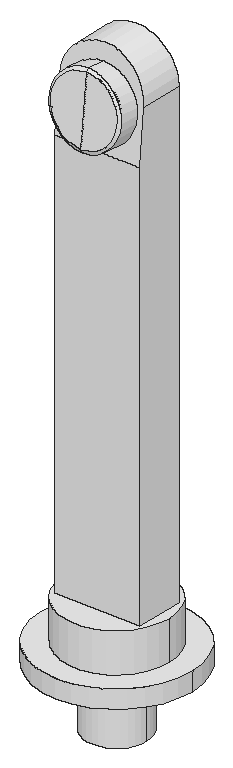
Revit family "Outlet-Bath-Caroma Saracom-Wall", category Plumbing Fixtures, host Face, Revit 2013
Parameters (values of type "Standard")
  Waste Connection = no
  Vent Connection = no
  URL = "http://www.caroma.com.au/"
  Type Comments = "Caroma Saracom Bath Outlet"  # constant formula
  Model = "98028C"  # constant formula
  Material_ANZRS = Metal-Chrome-Caroma
  Manufacturer = "GWA Bathrooms & Kitchens"  # constant formula
  HWFU = 4  # constant formula
  HW Connection = yes
  Description = ""
  Default Elevation = 500 mm
  CreatedBy_ANZRS = "Design Content"  # constant formula
  CreatedByURL_ANZRS = "www.designcontent.com.au"
  Cost = 0
  Connector Radius = 10 mm
  CWFU = 4  # constant formula
  CW Connection = yes
  Assembly Code = "C1030210"
Reference planes
  plane 1 "Center (Front/Back)": y = 0
  plane 2: z = 0
  plane 3 "Center (Left/Right)": x = 0
Forms (mm)
  Revolve 1, solid, material "Metal-Chrome-Caroma" <- "Material_ANZRS"
    sketch origin (0, -189.213, 128.213) x (0, -0.009072, -0.999959) y (0, 0.999959, -0.009072)
      loop
        line (-41.711, 182.27) -> (-42.379, 175.302) -> (-31.452, 174.255) -> (-30.382, 174.699) -> (-29.766, 181.125) -> (-41.711, 182.27)
      axis (-41.711, 182.27) -> (-42.379, 175.302)
    angle from 0 to 360
  Extrusion 2, solid, material "Metal-Chrome-Caroma" <- "Material_ANZRS"
    sketch origin (-7.071, -7.071, 0) x (-1, 0, 0) y (0, -1, 0)
      loop
        circle (-7.071, -7.071) r 10
    from -20 to 0
  Extrusion 3, solid, material "Metal-Chrome-Caroma" <- "Material_ANZRS"
    sketch origin (0, 133.552, 1219.2) x (0, 1, 0) y (0, 0, 1)
      loop
        line (-125.552, -1033.7) -> (-138.315, -1033.7) -> (-141.552, -1064.532) -> (-141.552, -1200.2) -> (-125.552, -1200.2) -> (-125.552, -1033.7)
    from -14 to 14
  Extrusion 4, solid, material "Metal-Chrome-Caroma" <- "Material_ANZRS"
    sketch origin (90, 0, 0) x (1, 0, 0) y (0, 1, 0)
      loop
        circle (-90, 0) r 25
    from 0 to 6
  Extrusion 5, solid, material "Metal-Chrome-Caroma" <- "Material_ANZRS"
    sketch origin (90, 0, 0) x (1, 0, 0) y (0, 1, 0)
      loop
        circle (-90, 0) r 17.5
    from 6 to 19
  Extrusion 6, void
    sketch origin (0, 0, 0) x (1, 0, 0) y (0, 0, 1)
      loop
        line (14, 171.5) -> (29, 171.5) -> (29, 193.434) -> (-29, 193.434) -> (-29, 171.5) -> (-14, 171.5)
        arc (-14, 171.5) -> (0, 185.5) -> (14, 171.5) r 14
    from -100 to 100
Cuts and joins
  Extrusion 6 cuts Extrusion 3
  joined: Revolve 1, Extrusion 3, Extrusion 4, Extrusion 5
Lines and regions (mm)
  Masking region 1
    outline origin (0, 0, 0) x (1, 0, 0) y (0, 1, 0)
      loop
        circle (0, 0) r 25
  Masking region 2
    outline origin (0, 0, 0) x (1, 0, 0) y (0, 0, 1)
      loop
        line (25, 0) -> (25, 6) -> (17.5, 6) -> (17.5, 19) -> (14, 19) -> (14, 171.5)
        arc (14, 171.5) -> (0, 185.5) -> (-14, 171.5) r 14
        line (-14, 171.5) -> (-14, 19) -> (-17.5, 19) -> (-17.5, 6) -> (-25, 6) -> (-25, 0) -> (25, 0)
  symbolic lines
    curve 1: line (14, 8, 0) -> (-14, 8, 0)
    curve 2: line (-14, 8, 0) -> (-14, -8, 0)
    curve 3: line (14, -8, 0) -> (14, 8, 0)
    curve 4: arc (-17.5, 0, 0) -> (-16.066, -6.937, 0) -> (-12, -12.738, 0) r 17.5
    curve 5: arc (17.5, 0, 0) -> (0, 17.5, 0) -> (-17.5, 0, 0) r 17.5
    curve 6: line (-14, -8, 0) -> (-12, -8, 0)
    curve 7: line (12, -8, 0) -> (14, -8, 0)
    curve 8: arc (12, -12.738, 0) -> (16.066, -6.937, 0) -> (17.5, 0, 0) r 17.5
    curve 9: arc (-10.649, -13.887, 0) -> (0.032, -17.5, 0) -> (10.699, -13.848, 0) r 17.5
    curve 10: line (25, 0, 6) -> (-25, 0, 6)
    curve 11: line (17.5, 0, 19) -> (-17.5, 0, 19)
    curve 12: spline (0, -12.387, 0) -> (-2.841, -12.426, 0) -> (-5.488, -12.541, 0) -> (-7.762, -12.723, 0) -> (-9.506, -12.96, 0) -> (-10.603, -13.237, 0) -> (-10.977, -13.534, 0) -> (-10.603, -13.83, 0) -> (-9.506, -14.107, 0) -> (-7.762, -14.344, 0) -> (-5.488, -14.526, 0) -> (-2.841, -14.641, 0) -> (0, -14.68, 0)
    curve 13: spline (0, -14.68, 0) -> (2.841, -14.641, 0) -> (5.488, -14.526, 0) -> (7.762, -14.344, 0) -> (9.506, -14.107, 0) -> (10.603, -13.83, 0) -> (10.977, -13.534, 0) -> (10.603, -13.237, 0) -> (9.506, -12.96, 0) -> (7.762, -12.723, 0) -> (5.488, -12.541, 0) -> (2.841, -12.426, 0) -> (0, -12.387, 0)
    curve 14: spline (12, -13, 0) -> (11.607, -12.674, 0) -> (10.416, -12.37, 0) -> (8.511, -12.109, 0) -> (6.021, -11.909, 0) -> (3.117, -11.783, 0) -> (0, -11.739, 0) -> (-3.117, -11.783, 0) -> (-6.021, -11.909, 0) -> (-8.511, -12.109, 0) -> (-10.416, -12.37, 0) -> (-11.607, -12.674, 0) -> (-12, -13, 0)
    curve 15: spline (-12, -6.565, 0) -> (-11.572, -6.241, 0) -> (-10.356, -5.939, 0) -> (-8.434, -5.681, 0) -> (-5.938, -5.483, 0) -> (-3.036, -5.36, 0) -> (0.072, -5.319, 0) -> (3.175, -5.364, 0) -> (6.062, -5.491, 0) -> (8.536, -5.692, 0) -> (10.428, -5.952, 0) -> (11.61, -6.255, 0) -> (12, -6.58, 0)
    curve 16: spline (0.002, -4.763, 0) -> (-1.829, -4.776, 0) -> (-3.628, -4.814, 0) -> (-5.364, -4.876, 0) -> (-7.008, -4.961, 0) -> (-8.531, -5.068, 0) -> (-9.908, -5.194, 0) -> (-11.114, -5.339, 0) -> (-12.13, -5.498, 0) -> (-12.938, -5.67, 0) -> (-13.525, -5.852, 0) -> (-13.879, -6.04, 0) -> (-13.996, -6.231, 0)
    curve 17: spline (13.996, -6.233, 0) -> (13.881, -6.042, 0) -> (13.529, -5.853, 0) -> (12.944, -5.672, 0) -> (12.137, -5.499, 0) -> (11.121, -5.34, 0) -> (9.915, -5.195, 0) -> (8.538, -5.068, 0) -> (7.014, -4.961, 0) -> (5.37, -4.876, 0) -> (3.633, -4.814, 0) -> (1.833, -4.776, 0) -> (0.002, -4.763, 0)
    curve 18: line (-12, -6.565, 0) -> (-12, -13, 0)
    curve 19: line (12, -6.58, 0) -> (12, -13, 0)
    curve 20: line (12, -13, 0) -> (10.904, -13.685, 0)
    curve 21: line (-12, -13, 0) -> (-10.904, -13.685, 0)
Dimensions and locks
  aligned and locked: plane 2 to host face
  aligned and locked: level to host face
Connectors
  piping at (0, 0, -20), driven by "Connector Radius", driven by "HWFU"
    settings: on Extrusion 2, index 4, connector radius 0.3937", flow factor 0, pipe flow 0 GPM, pressure drop 0.00 psi, fitting loss kfactor 0, connector angle 0.00°, fixture units 4, engagement length 0 mm, flow configuration 3, flow direction 1, fitting loss method 1, system type 19, joint type 0, gender type 0, connector reference index -1, connector utility 0, adjustable connector no, is connector primary yes, fitting loss table "Outlet", connector description "Hot Inlet"
